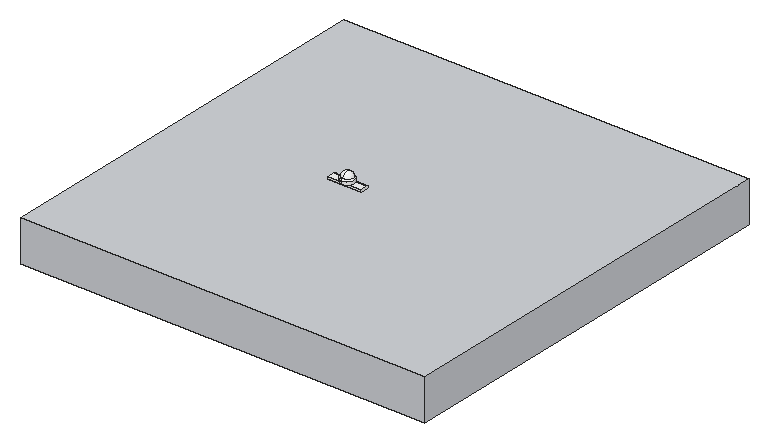
Revit family "Zumtobel PST DIMLITE SENSOR TEC-GP", category Lighting Fixtures, host Face, Revit 2014
Parameters (values of type "PST DIMLITE SENSOR TEC-GP")
  Width = 248 mm  # constant formula
  Wattage Comments = ""
  URL = "http://www.zumtobel.com/22169251"
  Type Comments = "© Zumtobel. We reserve the right to make technical changes without prior notice."  # constant formula
  Height = 67 mm  # constant formula
  Depth = 98 mm  # constant formula
  Model = "22169251"
  Manufacturer = "Zumtobel Lighting"  # constant formula
  Lamp = ""
  Description = "Slave sensor for PST DIMLITE SINGLE TEC-GP for extending the detection range"  # constant formula
  Default Elevation = 0 mm
  Body = Zumtobel_Metal_White
  Assembly Code = "D5020200"
  Apparent Load = 0 VA
Reference planes
  plane 1 "Center (Front/Back)": y = 0
  plane 2 "Bottom": z = 0
  plane 3 "Center (Left/Right)": x = -735.5
  plane 4 "Left": x = -859.5
  plane 5: y = -22
  plane 6: y = 22
  plane 7: z = 85.928
  plane 8: z = 18.928
  plane 9 "Right": x = -611.5
Forms (mm)
  Extrusion 1, solid
    sketch origin (123, 0, 0) x (1, 0, 0) y (0, 1, 0)
      loop
        line (-2085.5, 1500) -> (-2085.5, -1500) -> (914.5, -1500) -> (914.5, 1500) -> (-2085.5, 1500)
    from 0 to -304.8
  Extrusion 2, solid, material "Zumtobel_Metal_White" <- "Body"
    sketch origin (-735.5, 0, -57.072) x (0, -1, 0) y (0, 0, 1)
      loop
        line (-28, 74) -> (-30, 76) -> (-30, 62) -> (-24.468, 62) -> (-24.468, 50.994) -> (-21.81, 50.994) -> (-21.81, 57.072) -> (21.81, 57.072) -> (21.81, 50.994) -> (24.468, 50.994) -> (24.468, 62) -> (30, 62) -> (30, 76) -> (28, 74) -> (-28, 74)
    from -124 to 124
  Revolve 3, solid, material "Zumtobel_Metal_White" <- "Body"
    sketch origin (-735.5, 0, -57.072) x (0, -1, 0) y (0, 0, 1)
      loop
        arc (0, 143) -> (-25.044, 134.597) -> (-39.951, 112.788) r 41.521
        line (-39.951, 112.788) -> (-49, 97.116) -> (-49, 78.5) -> (-30, 78.5) -> (-30, 76) -> (-28, 74) -> (0, 74) -> (0, 143)
      axis (0, 143) -> (0, 74)
    angle from 0 to 360
Lines and regions (mm)
  symbolic lines, not visible, detail levels coarse
    curve 1: line (-735.5, 80, 0) -> (-735.5, -80, 0)
    curve 2: line (-735.5, 80, 0) -> (-735.5, -80, 0)
Dimensions and locks
  plane 7 to plane 8 to level = 67 mm locked, 18.928 mm locked
  equal spacing: plane 4 "Left", plane 3 "Center (Left/Right)", plane 9 "Right"
  locked: plane 4 "Left" to plane 9 "Right" at 248
  aligned and locked: plane 2 "Bottom" to Extrusion 1
  aligned and locked: level to Extrusion 1
  aligned and locked: plane 4 "Left" to Extrusion 2
  aligned and locked: plane 9 "Right" to Extrusion 2
Automatic sketch dimensions
  curve 1 to plane 3 "Center (Left/Right)" = 0 mm
  curve 2 to plane 3 "Center (Left/Right)" = 0 mm
  plane 5 to curve 1 = 58 mm
  curve 2 to curve 1 = 0 mm
  plane 6 to curve 2 = 58 mm
  curve 1 to curve 2 = 0 mm
  Extrusion 1 sketch curve to Extrusion 1 sketch curve = 3000 mm  (x2)
  Extrusion 2 sketch curve to plane 8 = 0 mm  (x2)
  Extrusion 2 sketch curve to level = 0 mm
  plane 6 to Extrusion 2 sketch curve = 8 mm
  Extrusion 2 sketch curve to plane 8 = 2 mm
  Extrusion 2 sketch curve to Extrusion 2 sketch curve = 2 mm
  plane 6 to Extrusion 2 sketch curve = 2.468 mm
  Extrusion 2 sketch curve to plane 6 = 0.19 mm
  Extrusion 2 sketch curve to plane 5 = 0.19 mm
  plane 5 to Extrusion 2 sketch curve = 2.468 mm
  plane 5 to Extrusion 2 sketch curve = 6 mm
  Extrusion 2 sketch curve to Extrusion 2 sketch curve = 5.532 mm
  Extrusion 2 sketch curve to level = 6.078 mm  (x2)
  level to Extrusion 2 sketch curve = 4.928 mm  (x2)
  Revolve 3 sketch curve to plane 1 "Center (Front/Back)" = 0 mm  (x2)
  plane 7 to Revolve 3 sketch curve = 0 mm
  Revolve 3 sketch curve to plane 8 = 2 mm
  plane 6 to Revolve 3 sketch curve = 6 mm
  Revolve 3 sketch curve to Revolve 3 sketch curve = 2 mm
  plane 6 to Revolve 3 sketch curve = 17.951 mm
  Revolve 3 sketch curve to Revolve 3 sketch curve = 9.049 mm
  plane 8 to Revolve 3 sketch curve = 21.116 mm
  Revolve 3 sketch curve to Revolve 3 sketch curve = 27.479 mm
  Revolve 3 sketch curve to level = 46.072 mm
  Revolve 3 sketch curve to Revolve 3 sketch curve = 25 mm
  plane 8 to Revolve 3 sketch curve = 2.5 mm
  Revolve 3 sketch curve to plane 8 = 0 mm
